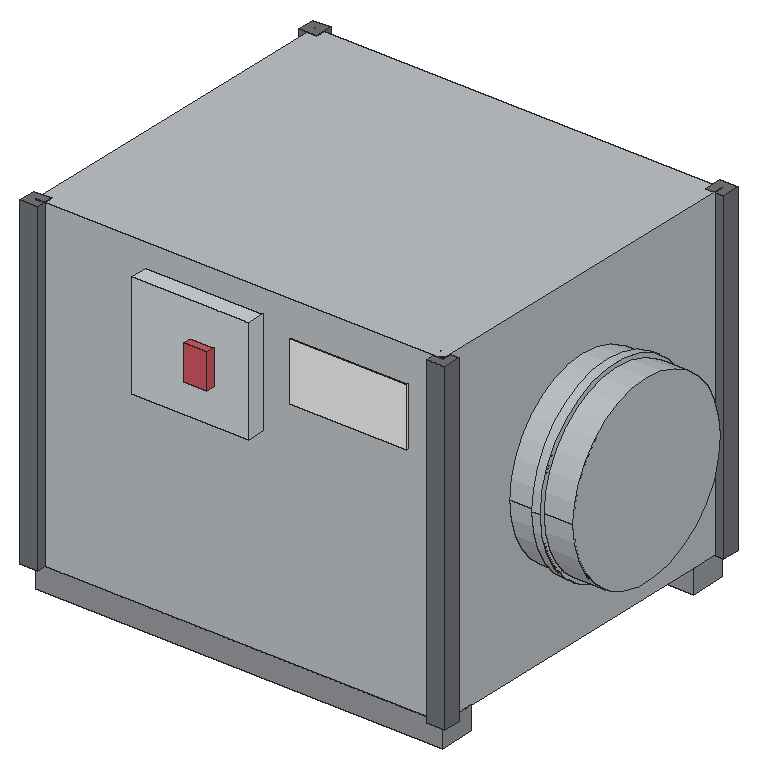
Revit family "CVC_Caisson-VMC_C4", category Equipement de génie climatique, Revit 2026
Family settings
  Cote de connecteur circulaire = Utiliser le diamètre
  Type d'élément = Normal
  Basée sur le plan de construction = Non
  Toujours verticalement = Oui
  Couper avec des vides une fois chargée = Non
  Conserver l'orientation des annotations = Non
  Partagée = Non
  Repère de localisation dans la pièce = Non
Parameters (values of type "C4")
  Source = "CCTP lot 12 § 4.12.2"
  Modèle = "Caisson C4 basse consommation"
  Fabricant = "Non imposée"
  Elévation par défaut = 0 mm
  Description = "Caisson d extraction VMC sanitaires"
  Caractéristiques CCTP = "Centrifuge C4 200 °C 1/2 h, < 35 dB(A) à 1 m, fonctionnement continu"
  A vérifier = "Marque, dimensions et débit à choisir"
Reference planes
  plane 1 "Centre (avant/arrière)": y = 0
  plane 2: z = 0
  plane 3 "Centre (gauche/droite)": x = 0
Forms (mm)
  Extrusion 1, solid, material "EHPAD_acier"
    sketch origin (0, 0, 0) x (1, 0, 0) y (0, 1, 0)
      loop
        line (-350, -300) -> (350, -300) -> (350, -240) -> (-350, -240) -> (-350, -300)
    from 0 to 40
  Extrusion 2, solid, material "EHPAD_acier"
    sketch origin (0, 0, 0) x (1, 0, 0) y (0, 1, 0)
      loop
        line (-350, 240) -> (350, 240) -> (350, 300) -> (-350, 300) -> (-350, 240)
    from 0 to 40
  Extrusion 3, solid, material "EHPAD_galva"
    sketch origin (0, 0, 40) x (1, 0, 0) y (0, 1, 0)
      loop
        line (-350, -300) -> (350, -300) -> (350, 300) -> (-350, 300) -> (-350, -300)
    from 0 to 560
  Extrusion 4, solid, material "EHPAD_anthracite"
    sketch origin (0, 0, 40) x (1, 0, 0) y (0, 1, 0)
      loop
        line (-365, -315) -> (-335, -315) -> (-335, -285) -> (-365, -285) -> (-365, -315)
    from 0 to 560
  Extrusion 5, solid, material "EHPAD_anthracite"
    sketch origin (0, 0, 40) x (1, 0, 0) y (0, 1, 0)
      loop
        line (-365, 285) -> (-335, 285) -> (-335, 315) -> (-365, 315) -> (-365, 285)
    from 0 to 560
  Extrusion 6, solid, material "EHPAD_anthracite"
    sketch origin (0, 0, 40) x (1, 0, 0) y (0, 1, 0)
      loop
        line (335, -315) -> (365, -315) -> (365, -285) -> (335, -285) -> (335, -315)
    from 0 to 560
  Extrusion 7, solid, material "EHPAD_anthracite"
    sketch origin (0, 0, 40) x (1, 0, 0) y (0, 1, 0)
      loop
        line (335, 285) -> (365, 285) -> (365, 315) -> (335, 315) -> (335, 285)
    from 0 to 560
  Extrusion 8, solid, material "EHPAD_galva"
    sketch origin (-350, 0, 320) x (0, -1, 0) y (0, 0, 1)
      loop
        circle (0, 0) r 157.5
    from 0 to 110
  Extrusion 9, solid, material "EHPAD_galva"
    sketch origin (-394, 0, 320) x (0, -1, 0) y (0, 0, 1)
      loop
        circle (0, 0) r 163.5
    from 0 to 15
  Extrusion 10, solid, material "EHPAD_galva"
    sketch origin (350, 0, 320) x (0, 1, 0) y (0, 0, 1)
      loop
        circle (0, 0) r 157.5
    from 0 to 110
  Extrusion 11, solid, material "EHPAD_galva"
    sketch origin (394, 0, 320) x (0, 1, 0) y (0, 0, 1)
      loop
        circle (0, 0) r 163.5
    from 0 to 15
  Extrusion 12, solid, material "EHPAD_gris"
    sketch origin (0, 0, 380) x (1, 0, 0) y (0, 1, 0)
      loop
        line (-160, -330) -> (40, -330) -> (40, -300) -> (-160, -300) -> (-160, -330)
    from 0 to 180
  Extrusion 13, solid, material "EHPAD_rouge"
    sketch origin (0, 0, 440) x (1, 0, 0) y (0, 1, 0)
      loop
        line (-60, -345) -> (-20, -345) -> (-20, -330) -> (-60, -330) -> (-60, -345)
    from 0 to 60
  Extrusion 14, solid, material "EHPAD_blanc"
    sketch origin (0, 0, 440) x (1, 0, 0) y (0, 1, 0)
      loop
        line (90, -303) -> (290, -303) -> (290, -300) -> (90, -300) -> (90, -303)
    from 0 to 100
Dimensions and locks
  aligned and locked: level to plane 2
Connectors
  hvac at (-460, 0, 320)
    settings: on Extrusion 8, index 1, duct flow 0.0 L/s, flow factor 0, pres drop 0.0 Pa, loss coef 0, conn angle 0.00°, conn width 304.8 mm, conn height 304.8 mm, conn diameter 315 mm, duct sys type 3, conn prof type 0, flow config 0, flow direction 0, loss method 0, conn ref index -1, conn util no, is conn primary yes, conn desc "Aspiration réseau VMC"
  hvac at (460, 0, 320)
    settings: on Extrusion 10, index 2, duct flow 0.0 L/s, flow factor 0, pres drop 0.0 Pa, loss coef 0, conn angle 0.00°, conn width 304.8 mm, conn height 304.8 mm, conn diameter 315 mm, duct sys type 3, conn prof type 0, flow config 0, flow direction 0, loss method 0, conn ref index -1, conn util no, is conn primary no, conn desc "Rejet VMC"
